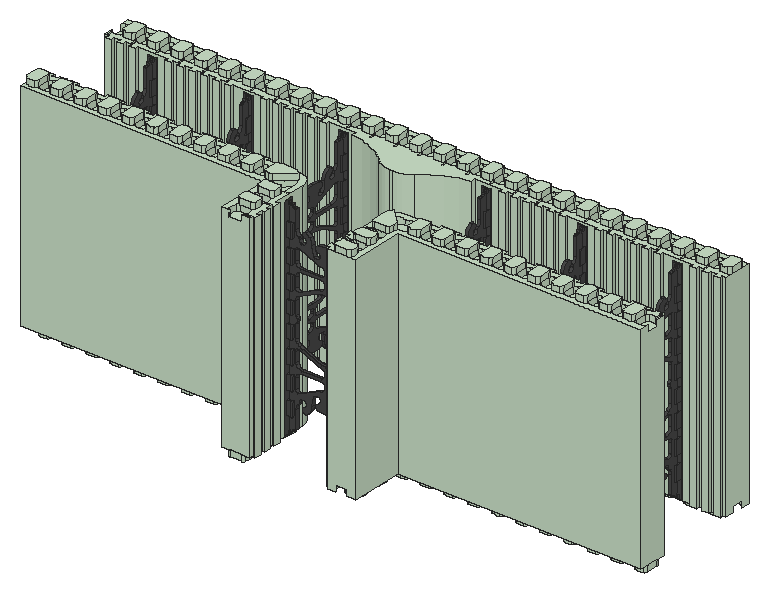
Revit family
Parameters (values of type "152 mm Short T Form Unit")
  URL = "www.nudura.com"
  Overall Form Thickness = 285.8 mm
  Model = "152 mm Short T Form Unit"
  Manufacturer = "NUDURA Corporation"
  Concrete Core Thickness = 152.4 mm
Reference planes
  plane 1 "Center (Front/Back)": y = 0
  plane 2: z = 0
  plane 3 "Center (Left/Right)": x = 0
Forms (mm)
  Extrusion 1, solid, material "EPS- NUDURA- Foam Panel"
    sketch origin (0.119, 0.105, 0) x (1, 0, 0) y (0, 1, 0)
      loop
        arc (-82.55, -114.3) -> (-91.849, -91.849) -> (-114.3, -82.55) r 31.75
        line (-114.3, -82.55) -> (-184.942, -82.55) -> (-183.358, -76.2) -> (-197.642, -76.2) -> (-196.058, -82.55) -> (-210.342, -82.55) -> (-208.758, -76.2) -> (-223.042, -76.2) -> (-221.458, -82.55) -> (-235.742, -82.55) -> (-234.158, -76.2) -> (-248.442, -76.2) -> (-246.858, -82.55) -> (-261.142, -82.55) -> (-259.558, -76.2) -> (-273.842, -76.2) -> (-272.258, -82.55) -> (-286.558, -82.55) -> (-284.974, -76.2) -> (-299.258, -76.2) -> (-297.674, -82.55) -> (-311.958, -82.55) -> (-310.374, -76.2) -> (-324.658, -76.2) -> (-323.074, -82.55) -> (-388.141, -82.55) -> (-386.558, -76.2) -> (-400.841, -76.2) -> (-399.258, -82.55) -> (-413.541, -82.55) -> (-411.958, -76.2) -> (-426.241, -76.2) -> (-424.658, -82.55) -> (-438.941, -82.55) -> (-437.358, -76.2) -> (-451.641, -76.2) -> (-450.058, -82.55) -> (-464.358, -82.55) -> (-462.774, -76.2) -> (-477.058, -76.2) -> (-475.474, -82.55) -> (-489.758, -82.55) -> (-488.174, -76.2) -> (-502.458, -76.2) -> (-500.874, -82.55) -> (-515.158, -82.55) -> (-513.574, -76.2) -> (-527.858, -76.2) -> (-526.274, -82.55) -> (-591.341, -82.55) -> (-589.758, -76.2) -> (-604.041, -76.2) -> (-602.458, -82.55) -> (-616.741, -82.55) -> (-615.158, -76.2) -> (-629.441, -76.2) -> (-627.858, -82.55) -> (-642.141, -82.55) -> (-640.558, -76.2) -> (-654.841, -76.2) -> (-653.258, -82.55) -> (-660.4, -82.55) -> (-660.4, -142.81) -> (-142.875, -142.81) -> (-142.875, -253.935) -> (-82.55, -253.935) -> (-82.55, -246.858) -> (-76.2, -248.441) -> (-76.2, -234.158) -> (-82.55, -235.741) -> (-82.55, -221.458) -> (-76.2, -223.041) -> (-76.2, -208.758) -> (-82.55, -210.341) -> (-82.55, -196.058) -> (-76.2, -197.641) -> (-76.2, -183.358) -> (-82.55, -184.941) -> (-82.55, -114.3)
      loop
        line (127, 73.025) -> (127, 82.55) -> (184.942, 82.55) -> (183.358, 76.2) -> (197.642, 76.2) -> (196.058, 82.55) -> (210.342, 82.55) -> (208.758, 76.2) -> (223.042, 76.2) -> (221.458, 82.55) -> (235.742, 82.55) -> (234.158, 76.2) -> (248.442, 76.2) -> (246.858, 82.55) -> (261.126, 82.55) -> (259.542, 76.2) -> (273.826, 76.2) -> (272.242, 82.55) -> (286.526, 82.55) -> (284.942, 76.2) -> (299.226, 76.2) -> (297.642, 82.55) -> (311.926, 82.55) -> (310.342, 76.2) -> (324.626, 76.2) -> (323.042, 82.55) -> (388.141, 82.55) -> (386.558, 76.2) -> (400.841, 76.2) -> (399.258, 82.55) -> (413.541, 82.55) -> (411.958, 76.2) -> (426.241, 76.2) -> (424.658, 82.55) -> (438.941, 82.55) -> (437.358, 76.2) -> (451.641, 76.2) -> (450.058, 82.55) -> (464.325, 82.55) -> (462.742, 76.2) -> (477.025, 76.2) -> (475.442, 82.55) -> (489.725, 82.55) -> (488.142, 76.2) -> (502.425, 76.2) -> (500.842, 82.55) -> (515.125, 82.55) -> (513.542, 76.2) -> (527.825, 76.2) -> (526.242, 82.55) -> (591.341, 82.55) -> (589.758, 76.2) -> (604.041, 76.2) -> (602.458, 82.55) -> (616.741, 82.55) -> (615.158, 76.2) -> (629.441, 76.2) -> (627.858, 82.55) -> (642.141, 82.55) -> (640.558, 76.2) -> (654.841, 76.2) -> (653.258, 82.55) -> (660.4, 82.55) -> (660.4, 142.939) -> (-660.4, 142.939) -> (-660.4, 82.55) -> (-653.258, 82.55) -> (-654.841, 76.2) -> (-640.558, 76.2) -> (-642.141, 82.55) -> (-627.858, 82.55) -> (-629.441, 76.2) -> (-615.158, 76.2) -> (-616.741, 82.55) -> (-602.458, 82.55) -> (-604.041, 76.2) -> (-589.758, 76.2) -> (-591.341, 82.55) -> (-526.242, 82.55) -> (-527.825, 76.2) -> (-513.542, 76.2) -> (-515.125, 82.55) -> (-500.842, 82.55) -> (-502.425, 76.2) -> (-488.142, 76.2) -> (-489.725, 82.55) -> (-475.442, 82.55) -> (-477.025, 76.2) -> (-462.742, 76.2) -> (-464.325, 82.55) -> (-450.058, 82.55) -> (-451.641, 76.2) -> (-437.358, 76.2) -> (-438.941, 82.55) -> (-424.658, 82.55) -> (-426.241, 76.2) -> (-411.958, 76.2) -> (-413.541, 82.55) -> (-399.258, 82.55) -> (-400.841, 76.2) -> (-386.558, 76.2) -> (-388.141, 82.55) -> (-323.042, 82.55) -> (-324.626, 76.2) -> (-310.342, 76.2) -> (-311.926, 82.55) -> (-297.642, 82.55) -> (-299.226, 76.2) -> (-284.942, 76.2) -> (-286.526, 82.55) -> (-272.242, 82.55) -> (-273.826, 76.2) -> (-259.542, 76.2) -> (-261.126, 82.55) -> (-246.858, 82.55) -> (-248.442, 76.2) -> (-234.158, 76.2) -> (-235.742, 82.55) -> (-221.458, 82.55) -> (-223.042, 76.2) -> (-208.758, 76.2) -> (-210.342, 82.55) -> (-196.058, 82.55) -> (-197.642, 76.2) -> (-183.358, 76.2) -> (-184.942, 82.55) -> (-127, 82.55) -> (-127, 73.025)
        arc (-127, 73.025) -> (-79.325, 60.317) -> (-38.333, 32.857) r 150.316
        arc (-38.333, 32.857) -> (-22.244, 22.628) -> (-3.517, 19.05) r 50.8
        line (-3.517, 19.05) -> (3.517, 19.05)
        arc (3.517, 19.05) -> (22.244, 22.628) -> (38.333, 32.857) r 50.8
        arc (38.333, 32.857) -> (79.325, 60.317) -> (127, 73.025) r 150.316
      loop
        line (82.55, -114.3) -> (82.55, -184.941) -> (76.2, -183.358) -> (76.2, -197.641) -> (82.55, -196.058) -> (82.55, -210.341) -> (76.2, -208.758) -> (76.2, -223.041) -> (82.55, -221.458) -> (82.55, -235.741) -> (76.2, -234.158) -> (76.2, -248.441) -> (82.55, -246.858) -> (82.55, -254) -> (142.875, -254) -> (142.875, -142.81) -> (660.4, -142.81) -> (660.4, -82.55) -> (653.258, -82.55) -> (654.841, -76.2) -> (640.558, -76.2) -> (642.141, -82.55) -> (627.858, -82.55) -> (629.441, -76.2) -> (615.158, -76.2) -> (616.741, -82.55) -> (602.458, -82.55) -> (604.041, -76.2) -> (589.758, -76.2) -> (591.341, -82.55) -> (526.274, -82.55) -> (527.858, -76.2) -> (513.574, -76.2) -> (515.158, -82.55) -> (500.874, -82.55) -> (502.458, -76.2) -> (488.174, -76.2) -> (489.758, -82.55) -> (475.474, -82.55) -> (477.058, -76.2) -> (462.774, -76.2) -> (464.358, -82.55) -> (450.058, -82.55) -> (451.641, -76.2) -> (437.358, -76.2) -> (438.941, -82.55) -> (424.658, -82.55) -> (426.241, -76.2) -> (411.958, -76.2) -> (413.541, -82.55) -> (399.258, -82.55) -> (400.841, -76.2) -> (386.558, -76.2) -> (388.141, -82.55) -> (323.074, -82.55) -> (324.658, -76.2) -> (310.374, -76.2) -> (311.958, -82.55) -> (297.674, -82.55) -> (299.258, -76.2) -> (284.974, -76.2) -> (286.558, -82.55) -> (272.274, -82.55) -> (273.858, -76.2) -> (259.574, -76.2) -> (261.158, -82.55) -> (246.858, -82.55) -> (248.442, -76.2) -> (234.158, -76.2) -> (235.742, -82.55) -> (221.458, -82.55) -> (223.042, -76.2) -> (208.758, -76.2) -> (210.342, -82.55) -> (196.058, -82.55) -> (197.642, -76.2) -> (183.358, -76.2) -> (184.942, -82.55) -> (114.3, -82.55)
        arc (114.3, -82.55) -> (91.849, -91.849) -> (82.55, -114.3) r 31.75
    from 0 to 457.2
  Extrusion 2, void
    sketch origin (0.119, 406.505, 0) x (1, 0, 0) y (0, 1, 0)
      loop
        arc (-130.453, -639.396) -> (-131.763, -647.7) -> (-130.453, -656.003) r 26.987
        arc (-130.453, -656.003) -> (-128.504, -658.905) -> (-125.314, -660.335) r 6.35
        line (-125.314, -660.335) -> (-100.111, -660.335)
        arc (-100.111, -660.335) -> (-98.281, -659.781) -> (-96.698, -658.708) r 6.35
        arc (-96.698, -658.708) -> (-96.199, -658.394) -> (-95.62, -658.285) r 1.588
        line (-95.62, -658.285) -> (-86.829, -658.285) -> (-86.829, -653.946) -> (-92.457, -653.946)
        arc (-92.457, -653.946) -> (-93.668, -653.385) -> (-94.024, -652.1) r 1.588
        arc (-94.024, -652.1) -> (-93.737, -645.691) -> (-94.972, -639.396) r 26.988
        arc (-94.972, -639.396) -> (-97.278, -636.215) -> (-101.014, -635) r 6.35
        line (-101.014, -635) -> (-124.411, -635)
        arc (-124.411, -635) -> (-128.147, -636.215) -> (-130.453, -639.396) r 6.35
    from 457.2 to 444.5
  Extrusion 3, void
    sketch origin (0.119, 457.305, 0) x (1, 0, 0) y (0, 1, 0)
      loop
        arc (-130.453, -639.396) -> (-131.763, -647.7) -> (-130.453, -656.003) r 26.987
        arc (-130.453, -656.003) -> (-128.147, -659.184) -> (-124.411, -660.4) r 6.35
        line (-124.411, -660.4) -> (-101.014, -660.4)
        arc (-101.014, -660.4) -> (-98.696, -659.961) -> (-96.698, -658.708) r 6.35
        arc (-96.698, -658.708) -> (-96.199, -658.394) -> (-95.62, -658.285) r 1.588
        line (-95.62, -658.285) -> (-86.829, -658.285) -> (-86.829, -653.946) -> (-92.457, -653.946)
        arc (-92.457, -653.946) -> (-93.668, -653.385) -> (-94.024, -652.1) r 1.588
        arc (-94.024, -652.1) -> (-93.737, -645.691) -> (-94.972, -639.396) r 26.988
        arc (-94.972, -639.396) -> (-97.278, -636.215) -> (-101.014, -635) r 6.35
        line (-101.014, -635) -> (-124.411, -635)
        arc (-124.411, -635) -> (-128.147, -636.215) -> (-130.453, -639.396) r 6.35
    from 457.2 to 444.5
  Extrusion 4, void
    sketch origin (0.119, 0.105, 0) x (1, 0, 0) y (0, 1, 0)
      loop
        line (-131.763, -131.762) -> (-131.763, -139.7)
        arc (-131.763, -139.7) -> (-131.433, -143.903) -> (-130.453, -148.003) r 26.987
        arc (-130.453, -148.003) -> (-128.147, -151.184) -> (-124.411, -152.4) r 6.35
        line (-124.411, -152.4) -> (-101.014, -152.4)
        arc (-101.014, -152.4) -> (-98.696, -151.961) -> (-96.698, -150.708) r 6.35
        arc (-96.698, -150.708) -> (-96.199, -150.394) -> (-95.62, -150.285) r 1.588
        line (-95.62, -150.285) -> (-86.829, -150.285) -> (-86.829, -145.946) -> (-92.457, -145.946)
        arc (-92.457, -145.946) -> (-93.668, -145.385) -> (-94.024, -144.1) r 1.588
        arc (-94.024, -144.1) -> (-93.753, -141.907) -> (-93.663, -139.7) r 26.987
        line (-93.663, -139.7) -> (-93.663, -119.062)
        arc (-93.663, -119.062) -> (-95.596, -109.342) -> (-101.102, -101.102) r 25.4
        line (-101.102, -101.102) -> (-131.763, -131.762)
    from 457.2 to 444.5
  Extrusion 5, void
    sketch origin (-812.681, 0.105, 0) x (0, 1, 0) y (-1, 0, 0)
      loop
        arc (-130.453, -639.396) -> (-131.763, -647.7) -> (-130.453, -656.003) r 26.987
        arc (-130.453, -656.003) -> (-128.147, -659.184) -> (-124.411, -660.4) r 6.35
        line (-124.411, -660.4) -> (-101.014, -660.4)
        arc (-101.014, -660.4) -> (-98.696, -659.961) -> (-96.698, -658.708) r 6.35
        arc (-96.698, -658.708) -> (-96.199, -658.394) -> (-95.62, -658.285) r 1.588
        line (-95.62, -658.285) -> (-86.829, -658.285) -> (-86.829, -653.946) -> (-92.457, -653.946)
        arc (-92.457, -653.946) -> (-93.668, -653.385) -> (-94.024, -652.1) r 1.588
        arc (-94.024, -652.1) -> (-93.737, -645.691) -> (-94.972, -639.396) r 26.988
        arc (-94.972, -639.396) -> (-97.278, -636.215) -> (-101.014, -635) r 6.35
        line (-101.014, -635) -> (-124.411, -635)
        arc (-124.411, -635) -> (-128.147, -636.215) -> (-130.453, -639.396) r 6.35
    from 457.2 to 444.5
  Extrusion 6, void
    sketch origin (-863.481, 0.105, 0) x (0, 1, 0) y (-1, 0, 0)
      loop
        arc (-130.453, -639.396) -> (-131.763, -647.7) -> (-130.453, -656.003) r 26.987
        arc (-130.453, -656.003) -> (-128.147, -659.184) -> (-124.411, -660.4) r 6.35
        line (-124.411, -660.4) -> (-101.014, -660.4)
        arc (-101.014, -660.4) -> (-98.696, -659.961) -> (-96.698, -658.708) r 6.35
        arc (-96.698, -658.708) -> (-96.199, -658.394) -> (-95.62, -658.285) r 1.588
        line (-95.62, -658.285) -> (-86.829, -658.285) -> (-86.829, -653.946) -> (-92.457, -653.946)
        arc (-92.457, -653.946) -> (-93.668, -653.385) -> (-94.024, -652.1) r 1.588
        arc (-94.024, -652.1) -> (-93.737, -645.691) -> (-94.972, -639.396) r 26.988
        arc (-94.972, -639.396) -> (-97.278, -636.215) -> (-101.014, -635) r 6.35
        line (-101.014, -635) -> (-124.411, -635)
        arc (-124.411, -635) -> (-128.147, -636.215) -> (-130.453, -639.396) r 6.35
    from 457.2 to 444.5
  Extrusion 7, void
    sketch origin (0.119, -863.494, 0) x (1, 0, 0) y (0, 1, 0)
      loop
        arc (-130.453, 639.396) -> (-128.147, 636.215) -> (-124.411, 635) r 6.35
        line (-124.411, 635) -> (-101.014, 635)
        arc (-101.014, 635) -> (-97.278, 636.215) -> (-94.972, 639.396) r 6.35
        arc (-94.972, 639.396) -> (-93.737, 645.691) -> (-94.024, 652.1) r 26.988
        arc (-94.024, 652.1) -> (-93.668, 653.385) -> (-92.457, 653.946) r 1.588
        line (-92.457, 653.946) -> (-86.829, 653.946) -> (-86.829, 658.285) -> (-95.62, 658.285)
        arc (-95.62, 658.285) -> (-96.199, 658.394) -> (-96.698, 658.708) r 1.588
        arc (-96.698, 658.708) -> (-98.696, 659.961) -> (-101.014, 660.4) r 6.35
        line (-101.014, 660.4) -> (-124.411, 660.4)
        arc (-124.411, 660.4) -> (-128.147, 659.184) -> (-130.453, 656.003) r 6.35
        arc (-130.453, 656.003) -> (-131.763, 647.7) -> (-130.453, 639.396) r 26.987
    from 0 to 12.7
  Extrusion 8, void
    sketch origin (0.119, -812.694, 0) x (1, 0, 0) y (0, 1, 0)
      loop
        arc (-130.453, 639.396) -> (-128.147, 636.215) -> (-124.411, 635) r 6.35
        line (-124.411, 635) -> (-101.014, 635)
        arc (-101.014, 635) -> (-97.278, 636.215) -> (-94.972, 639.396) r 6.35
        arc (-94.972, 639.396) -> (-93.737, 645.691) -> (-94.024, 652.1) r 26.988
        arc (-94.024, 652.1) -> (-93.668, 653.385) -> (-92.457, 653.946) r 1.588
        line (-92.457, 653.946) -> (-86.829, 653.946) -> (-86.829, 658.285) -> (-95.62, 658.285)
        arc (-95.62, 658.285) -> (-96.199, 658.394) -> (-96.698, 658.708) r 1.588
        arc (-96.698, 658.708) -> (-98.696, 659.961) -> (-101.014, 660.4) r 6.35
        line (-101.014, 660.4) -> (-124.411, 660.4)
        arc (-124.411, 660.4) -> (-128.147, 659.184) -> (-130.453, 656.003) r 6.35
        arc (-130.453, 656.003) -> (-131.763, 647.7) -> (-130.453, 639.396) r 26.987
    from 0 to 12.7
  Extrusion 9, void
    sketch origin (0.118, 0.105, 0) x (0, 1, 0) y (-1, 0, 0)
      loop
        line (-131.763, 131.762) -> (-101.102, 101.102)
        arc (-101.102, 101.102) -> (-95.596, 109.342) -> (-93.663, 119.062) r 25.4
        line (-93.663, 119.062) -> (-93.663, 139.7)
        arc (-93.663, 139.7) -> (-93.753, 141.907) -> (-94.024, 144.1) r 26.987
        arc (-94.024, 144.1) -> (-93.668, 145.385) -> (-92.457, 145.946) r 1.588
        line (-92.457, 145.946) -> (-86.829, 145.946) -> (-86.829, 150.285) -> (-95.62, 150.285)
        arc (-95.62, 150.285) -> (-96.199, 150.394) -> (-96.698, 150.708) r 1.588
        arc (-96.698, 150.708) -> (-98.696, 151.961) -> (-101.014, 152.4) r 6.35
        line (-101.014, 152.4) -> (-124.411, 152.4)
        arc (-124.411, 152.4) -> (-128.147, 151.184) -> (-130.453, 148.003) r 6.35
        arc (-130.453, 148.003) -> (-131.433, 143.903) -> (-131.763, 139.7) r 26.987
        line (-131.763, 139.7) -> (-131.763, 131.762)
    from 0 to 12.7
  Extrusion 10, void
    sketch origin (457.318, 0.105, 0) x (0, 1, 0) y (-1, 0, 0)
      loop
        arc (-130.453, 639.396) -> (-128.147, 636.215) -> (-124.411, 635) r 6.35
        line (-124.411, 635) -> (-101.014, 635)
        arc (-101.014, 635) -> (-97.278, 636.215) -> (-94.972, 639.396) r 6.35
        arc (-94.972, 639.396) -> (-93.737, 645.691) -> (-94.024, 652.1) r 26.988
        arc (-94.024, 652.1) -> (-93.668, 653.385) -> (-92.457, 653.946) r 1.588
        line (-92.457, 653.946) -> (-86.829, 653.946) -> (-86.829, 658.285) -> (-95.62, 658.285)
        arc (-95.62, 658.285) -> (-96.199, 658.394) -> (-96.698, 658.708) r 1.588
        arc (-96.698, 658.708) -> (-98.696, 659.961) -> (-101.014, 660.4) r 6.35
        line (-101.014, 660.4) -> (-124.411, 660.4)
        arc (-124.411, 660.4) -> (-128.147, 659.184) -> (-130.453, 656.003) r 6.35
        arc (-130.453, 656.003) -> (-131.763, 647.7) -> (-130.453, 639.396) r 26.987
    from 0 to 12.7
  Extrusion 11, void
    sketch origin (406.518, 0.105, 0) x (0, 1, 0) y (-1, 0, 0)
      loop
        arc (-130.453, 639.396) -> (-128.147, 636.215) -> (-124.411, 635) r 6.35
        line (-124.411, 635) -> (-101.014, 635)
        arc (-101.014, 635) -> (-97.278, 636.215) -> (-94.972, 639.396) r 6.35
        arc (-94.972, 639.396) -> (-93.737, 645.691) -> (-94.024, 652.1) r 26.988
        arc (-94.024, 652.1) -> (-93.668, 653.385) -> (-92.457, 653.946) r 1.588
        line (-92.457, 653.946) -> (-86.829, 653.946) -> (-86.829, 658.285) -> (-95.62, 658.285)
        arc (-95.62, 658.285) -> (-96.199, 658.394) -> (-96.698, 658.708) r 1.588
        arc (-96.698, 658.708) -> (-98.696, 659.961) -> (-101.014, 660.4) r 6.35
        line (-101.014, 660.4) -> (-124.411, 660.4)
        arc (-124.411, 660.4) -> (-128.147, 659.184) -> (-130.453, 656.003) r 6.35
        arc (-130.453, 656.003) -> (-131.763, 647.7) -> (-130.453, 639.396) r 26.987
    from 0 to 12.7
  Extrusion 12, void
    sketch origin (0.119, -863.494, 0) x (-1, 0, 0) y (0, -1, 0)
      loop
        arc (-130.453, -639.396) -> (-131.763, -647.7) -> (-130.453, -656.003) r 26.987
        arc (-130.453, -656.003) -> (-128.147, -659.184) -> (-124.411, -660.4) r 6.35
        line (-124.411, -660.4) -> (-101.014, -660.4)
        arc (-101.014, -660.4) -> (-98.696, -659.961) -> (-96.698, -658.708) r 6.35
        arc (-96.698, -658.708) -> (-96.199, -658.394) -> (-95.62, -658.285) r 1.588
        line (-95.62, -658.285) -> (-86.829, -658.285) -> (-86.829, -653.946) -> (-92.457, -653.946)
        arc (-92.457, -653.946) -> (-93.668, -653.385) -> (-94.024, -652.1) r 1.588
        arc (-94.024, -652.1) -> (-93.737, -645.691) -> (-94.972, -639.396) r 26.988
        arc (-94.972, -639.396) -> (-97.278, -636.215) -> (-101.014, -635) r 6.35
        line (-101.014, -635) -> (-124.411, -635)
        arc (-124.411, -635) -> (-128.147, -636.215) -> (-130.453, -639.396) r 6.35
    from 457.2 to 444.5
  Extrusion 13, void
    sketch origin (0.119, -812.694, 0) x (-1, 0, 0) y (0, -1, 0)
      loop
        arc (-130.453, -639.396) -> (-131.763, -647.7) -> (-130.453, -656.003) r 26.987
        arc (-130.453, -656.003) -> (-128.147, -659.184) -> (-124.411, -660.4) r 6.35
        line (-124.411, -660.4) -> (-101.014, -660.4)
        arc (-101.014, -660.4) -> (-98.696, -659.961) -> (-96.698, -658.708) r 6.35
        arc (-96.698, -658.708) -> (-96.199, -658.394) -> (-95.62, -658.285) r 1.588
        line (-95.62, -658.285) -> (-86.829, -658.285) -> (-86.829, -653.946) -> (-92.457, -653.946)
        arc (-92.457, -653.946) -> (-93.668, -653.385) -> (-94.024, -652.1) r 1.588
        arc (-94.024, -652.1) -> (-93.737, -645.691) -> (-94.972, -639.396) r 26.988
        arc (-94.972, -639.396) -> (-97.278, -636.215) -> (-101.014, -635) r 6.35
        line (-101.014, -635) -> (-124.411, -635)
        arc (-124.411, -635) -> (-128.147, -636.215) -> (-130.453, -639.396) r 6.35
    from 457.2 to 444.5
  Extrusion 14, void
    sketch origin (-457.081, 0.105, 0) x (0, 1, 0) y (-1, 0, 0)
      loop
        arc (-130.453, -639.396) -> (-131.763, -647.7) -> (-130.453, -656.003) r 26.987
        arc (-130.453, -656.003) -> (-128.147, -659.184) -> (-124.411, -660.4) r 6.35
        line (-124.411, -660.4) -> (-101.014, -660.4)
        arc (-101.014, -660.4) -> (-98.696, -659.961) -> (-96.698, -658.708) r 6.35
        arc (-96.698, -658.708) -> (-96.199, -658.394) -> (-95.62, -658.285) r 1.588
        line (-95.62, -658.285) -> (-86.829, -658.285) -> (-86.829, -653.946) -> (-92.457, -653.946)
        arc (-92.457, -653.946) -> (-93.668, -653.385) -> (-94.024, -652.1) r 1.588
        arc (-94.024, -652.1) -> (-93.737, -645.691) -> (-94.972, -639.396) r 26.988
        arc (-94.972, -639.396) -> (-97.278, -636.215) -> (-101.014, -635) r 6.35
        line (-101.014, -635) -> (-124.411, -635)
        arc (-124.411, -635) -> (-128.147, -636.215) -> (-130.453, -639.396) r 6.35
    from 457.2 to 444.5
  Extrusion 15, void
    sketch origin (-406.281, 0.105, 0) x (0, 1, 0) y (-1, 0, 0)
      loop
        arc (-130.453, -639.396) -> (-131.763, -647.7) -> (-130.453, -656.003) r 26.987
        arc (-130.453, -656.003) -> (-128.147, -659.184) -> (-124.411, -660.4) r 6.35
        line (-124.411, -660.4) -> (-101.014, -660.4)
        arc (-101.014, -660.4) -> (-98.696, -659.961) -> (-96.698, -658.708) r 6.35
        arc (-96.698, -658.708) -> (-96.199, -658.394) -> (-95.62, -658.285) r 1.588
        line (-95.62, -658.285) -> (-86.829, -658.285) -> (-86.829, -653.946) -> (-92.457, -653.946)
        arc (-92.457, -653.946) -> (-93.668, -653.385) -> (-94.024, -652.1) r 1.588
        arc (-94.024, -652.1) -> (-93.737, -645.691) -> (-94.972, -639.396) r 26.988
        arc (-94.972, -639.396) -> (-97.278, -636.215) -> (-101.014, -635) r 6.35
        line (-101.014, -635) -> (-124.411, -635)
        arc (-124.411, -635) -> (-128.147, -636.215) -> (-130.453, -639.396) r 6.35
    from 457.2 to 444.5
  Extrusion 16, void
    sketch origin (0.119, 0.105, 0) x (1, 0, 0) y (0, 1, 0)
      loop
        arc (144.1, -94.023) -> (141.907, -93.752) -> (139.7, -93.662) r 26.987
        line (139.7, -93.662) -> (119.063, -93.662)
        arc (119.063, -93.662) -> (109.342, -95.595) -> (101.102, -101.102) r 25.4
        line (101.102, -101.102) -> (131.763, -131.762) -> (139.7, -131.762)
        arc (139.7, -131.762) -> (143.903, -131.433) -> (148.004, -130.453) r 26.988
        arc (148.004, -130.453) -> (151.185, -128.147) -> (152.4, -124.411) r 6.35
        line (152.4, -124.411) -> (152.4, -101.013)
        arc (152.4, -101.013) -> (151.962, -98.696) -> (150.708, -96.698) r 6.35
        arc (150.708, -96.698) -> (150.395, -96.198) -> (150.285, -95.619) r 1.587
        line (150.285, -95.619) -> (150.285, -86.828) -> (145.946, -86.828) -> (145.946, -92.457)
        arc (145.946, -92.457) -> (145.386, -93.667) -> (144.1, -94.023) r 1.588
    from 457.2 to 444.5
  Extrusion 17, void
    sketch origin (0.119, 406.505, 0) x (-1, 0, 0) y (0, -1, 0)
      loop
        arc (-130.453, 639.396) -> (-128.147, 636.215) -> (-124.411, 635) r 6.35
        line (-124.411, 635) -> (-101.014, 635)
        arc (-101.014, 635) -> (-97.278, 636.215) -> (-94.972, 639.396) r 6.35
        arc (-94.972, 639.396) -> (-93.737, 645.691) -> (-94.024, 652.1) r 26.988
        arc (-94.024, 652.1) -> (-93.668, 653.385) -> (-92.457, 653.946) r 1.588
        line (-92.457, 653.946) -> (-86.829, 653.946) -> (-86.829, 658.285) -> (-95.62, 658.285)
        arc (-95.62, 658.285) -> (-96.199, 658.394) -> (-96.698, 658.708) r 1.588
        arc (-96.698, 658.708) -> (-98.696, 659.961) -> (-101.014, 660.4) r 6.35
        line (-101.014, 660.4) -> (-124.411, 660.4)
        arc (-124.411, 660.4) -> (-128.147, 659.184) -> (-130.453, 656.003) r 6.35
        arc (-130.453, 656.003) -> (-131.763, 647.7) -> (-130.453, 639.396) r 26.987
    from 0 to 12.7
  Extrusion 18, void
    sketch origin (0.119, 457.305, 0) x (-1, 0, 0) y (0, -1, 0)
      loop
        arc (-130.453, 639.396) -> (-128.147, 636.215) -> (-124.411, 635) r 6.35
        line (-124.411, 635) -> (-101.014, 635)
        arc (-101.014, 635) -> (-97.278, 636.215) -> (-94.972, 639.396) r 6.35
        arc (-94.972, 639.396) -> (-93.737, 645.691) -> (-94.024, 652.1) r 26.988
        arc (-94.024, 652.1) -> (-93.668, 653.385) -> (-92.457, 653.946) r 1.588
        line (-92.457, 653.946) -> (-86.829, 653.946) -> (-86.829, 658.285) -> (-95.62, 658.285)
        arc (-95.62, 658.285) -> (-96.199, 658.394) -> (-96.698, 658.708) r 1.588
        arc (-96.698, 658.708) -> (-98.696, 659.961) -> (-101.014, 660.4) r 6.35
        line (-101.014, 660.4) -> (-124.411, 660.4)
        arc (-124.411, 660.4) -> (-128.147, 659.184) -> (-130.453, 656.003) r 6.35
        arc (-130.453, 656.003) -> (-131.763, 647.7) -> (-130.453, 639.396) r 26.987
    from 0 to 12.7
  Extrusion 19, void
    sketch origin (0.119, 0.105, 0) x (0, -1, 0) y (1, 0, 0)
      loop
        arc (144.1, 94.023) -> (145.386, 93.667) -> (145.946, 92.457) r 1.588
        line (145.946, 92.457) -> (145.946, 86.828) -> (150.285, 86.828) -> (150.285, 95.619)
        arc (150.285, 95.619) -> (150.395, 96.198) -> (150.708, 96.698) r 1.587
        arc (150.708, 96.698) -> (151.962, 98.696) -> (152.4, 101.013) r 6.35
        line (152.4, 101.013) -> (152.4, 124.411)
        arc (152.4, 124.411) -> (151.185, 128.147) -> (148.004, 130.453) r 6.35
        arc (148.004, 130.453) -> (143.903, 131.433) -> (139.7, 131.762) r 26.988
        line (139.7, 131.762) -> (131.763, 131.762) -> (101.102, 101.102)
        arc (101.102, 101.102) -> (109.342, 95.595) -> (119.063, 93.662) r 25.4
        line (119.063, 93.662) -> (139.7, 93.662)
        arc (139.7, 93.662) -> (141.907, 93.752) -> (144.1, 94.023) r 26.987
    from 0 to 12.7
  Extrusion 20, void
    sketch origin (812.918, 0.105, 0) x (0, 1, 0) y (-1, 0, 0)
      loop
        arc (-130.453, 639.396) -> (-128.147, 636.215) -> (-124.411, 635) r 6.35
        line (-124.411, 635) -> (-101.014, 635)
        arc (-101.014, 635) -> (-97.278, 636.215) -> (-94.972, 639.396) r 6.35
        arc (-94.972, 639.396) -> (-93.737, 645.691) -> (-94.024, 652.1) r 26.988
        arc (-94.024, 652.1) -> (-93.668, 653.385) -> (-92.457, 653.946) r 1.588
        line (-92.457, 653.946) -> (-86.829, 653.946) -> (-86.829, 658.285) -> (-95.62, 658.285)
        arc (-95.62, 658.285) -> (-96.199, 658.394) -> (-96.698, 658.708) r 1.588
        arc (-96.698, 658.708) -> (-98.696, 659.961) -> (-101.014, 660.4) r 6.35
        line (-101.014, 660.4) -> (-124.411, 660.4)
        arc (-124.411, 660.4) -> (-128.147, 659.184) -> (-130.453, 656.003) r 6.35
        arc (-130.453, 656.003) -> (-131.763, 647.7) -> (-130.453, 639.396) r 26.987
    from 0 to 12.7
  Extrusion 21, void
    sketch origin (863.718, 0.105, 0) x (0, 1, 0) y (-1, 0, 0)
      loop
        arc (-130.453, 639.396) -> (-128.147, 636.215) -> (-124.411, 635) r 6.35
        line (-124.411, 635) -> (-101.014, 635)
        arc (-101.014, 635) -> (-97.278, 636.215) -> (-94.972, 639.396) r 6.35
        arc (-94.972, 639.396) -> (-93.737, 645.691) -> (-94.024, 652.1) r 26.988
        arc (-94.024, 652.1) -> (-93.668, 653.385) -> (-92.457, 653.946) r 1.588
        line (-92.457, 653.946) -> (-86.829, 653.946) -> (-86.829, 658.285) -> (-95.62, 658.285)
        arc (-95.62, 658.285) -> (-96.199, 658.394) -> (-96.698, 658.708) r 1.588
        arc (-96.698, 658.708) -> (-98.696, 659.961) -> (-101.014, 660.4) r 6.35
        line (-101.014, 660.4) -> (-124.411, 660.4)
        arc (-124.411, 660.4) -> (-128.147, 659.184) -> (-130.453, 656.003) r 6.35
        arc (-130.453, 656.003) -> (-131.763, 647.7) -> (-130.453, 639.396) r 26.987
    from 0 to 12.7
  Extrusion 22, void
    sketch origin (406.518, 0.104, 0) x (0, -1, 0) y (1, 0, 0)
      loop
        arc (-130.453, -639.396) -> (-131.763, -647.7) -> (-130.453, -656.003) r 26.987
        arc (-130.453, -656.003) -> (-128.147, -659.184) -> (-124.411, -660.4) r 6.35
        line (-124.411, -660.4) -> (-101.014, -660.4)
        arc (-101.014, -660.4) -> (-98.696, -659.961) -> (-96.698, -658.708) r 6.35
        arc (-96.698, -658.708) -> (-96.199, -658.394) -> (-95.62, -658.285) r 1.588
        line (-95.62, -658.285) -> (-86.829, -658.285) -> (-86.829, -653.946) -> (-92.457, -653.946)
        arc (-92.457, -653.946) -> (-93.668, -653.385) -> (-94.024, -652.1) r 1.588
        arc (-94.024, -652.1) -> (-93.737, -645.691) -> (-94.972, -639.396) r 26.988
        arc (-94.972, -639.396) -> (-97.278, -636.215) -> (-101.014, -635) r 6.35
        line (-101.014, -635) -> (-124.411, -635)
        arc (-124.411, -635) -> (-128.147, -636.215) -> (-130.453, -639.396) r 6.35
    from 457.2 to 444.5
  Extrusion 23, void
    sketch origin (457.318, 0.104, 0) x (0, -1, 0) y (1, 0, 0)
      loop
        arc (-130.453, -639.396) -> (-131.763, -647.7) -> (-130.453, -656.003) r 26.987
        arc (-130.453, -656.003) -> (-128.147, -659.184) -> (-124.411, -660.4) r 6.35
        line (-124.411, -660.4) -> (-101.014, -660.4)
        arc (-101.014, -660.4) -> (-98.696, -659.961) -> (-96.698, -658.708) r 6.35
        arc (-96.698, -658.708) -> (-96.199, -658.394) -> (-95.62, -658.285) r 1.588
        line (-95.62, -658.285) -> (-86.829, -658.285) -> (-86.829, -653.946) -> (-92.457, -653.946)
        arc (-92.457, -653.946) -> (-93.668, -653.385) -> (-94.024, -652.1) r 1.588
        arc (-94.024, -652.1) -> (-93.737, -645.691) -> (-94.972, -639.396) r 26.988
        arc (-94.972, -639.396) -> (-97.278, -636.215) -> (-101.014, -635) r 6.35
        line (-101.014, -635) -> (-124.411, -635)
        arc (-124.411, -635) -> (-128.147, -636.215) -> (-130.453, -639.396) r 6.35
    from 457.2 to 444.5
  Extrusion 24, void
    sketch origin (508.118, 0.104, 0) x (0, -1, 0) y (1, 0, 0)
      loop
        arc (-130.453, -639.396) -> (-131.763, -647.7) -> (-130.453, -656.003) r 26.987
        arc (-130.453, -656.003) -> (-128.147, -659.184) -> (-124.411, -660.4) r 6.35
        line (-124.411, -660.4) -> (-101.014, -660.4)
        arc (-101.014, -660.4) -> (-98.696, -659.961) -> (-96.698, -658.708) r 6.35
        arc (-96.698, -658.708) -> (-96.199, -658.394) -> (-95.62, -658.285) r 1.588
        line (-95.62, -658.285) -> (-86.829, -658.285) -> (-86.829, -653.946) -> (-92.457, -653.946)
        arc (-92.457, -653.946) -> (-93.668, -653.385) -> (-94.024, -652.1) r 1.588
        arc (-94.024, -652.1) -> (-93.737, -645.691) -> (-94.972, -639.396) r 26.988
        arc (-94.972, -639.396) -> (-97.278, -636.215) -> (-101.014, -635) r 6.35
        line (-101.014, -635) -> (-124.411, -635)
        arc (-124.411, -635) -> (-128.147, -636.215) -> (-130.453, -639.396) r 6.35
    from 457.2 to 444.5
  Extrusion 25, void
    sketch origin (558.918, 0.104, 0) x (0, -1, 0) y (1, 0, 0)
      loop
        arc (-130.453, -639.396) -> (-131.763, -647.7) -> (-130.453, -656.003) r 26.987
        arc (-130.453, -656.003) -> (-128.147, -659.184) -> (-124.411, -660.4) r 6.35
        line (-124.411, -660.4) -> (-101.014, -660.4)
        arc (-101.014, -660.4) -> (-98.696, -659.961) -> (-96.698, -658.708) r 6.35
        arc (-96.698, -658.708) -> (-96.199, -658.394) -> (-95.62, -658.285) r 1.588
        line (-95.62, -658.285) -> (-86.829, -658.285) -> (-86.829, -653.946) -> (-92.457, -653.946)
        arc (-92.457, -653.946) -> (-93.668, -653.385) -> (-94.024, -652.1) r 1.588
        arc (-94.024, -652.1) -> (-93.737, -645.691) -> (-94.972, -639.396) r 26.988
        arc (-94.972, -639.396) -> (-97.278, -636.215) -> (-101.014, -635) r 6.35
        line (-101.014, -635) -> (-124.411, -635)
        arc (-124.411, -635) -> (-128.147, -636.215) -> (-130.453, -639.396) r 6.35
    from 457.2 to 444.5
  Extrusion 26, void
    sketch origin (609.718, 0.104, 0) x (0, -1, 0) y (1, 0, 0)
      loop
        arc (-130.453, -639.396) -> (-131.763, -647.7) -> (-130.453, -656.003) r 26.987
        arc (-130.453, -656.003) -> (-128.147, -659.184) -> (-124.411, -660.4) r 6.35
        line (-124.411, -660.4) -> (-101.014, -660.4)
        arc (-101.014, -660.4) -> (-98.696, -659.961) -> (-96.698, -658.708) r 6.35
        arc (-96.698, -658.708) -> (-96.199, -658.394) -> (-95.62, -658.285) r 1.588
        line (-95.62, -658.285) -> (-86.829, -658.285) -> (-86.829, -653.946) -> (-92.457, -653.946)
        arc (-92.457, -653.946) -> (-93.668, -653.385) -> (-94.024, -652.1) r 1.588
        arc (-94.024, -652.1) -> (-93.737, -645.691) -> (-94.972, -639.396) r 26.988
        arc (-94.972, -639.396) -> (-97.278, -636.215) -> (-101.014, -635) r 6.35
        line (-101.014, -635) -> (-124.411, -635)
        arc (-124.411, -635) -> (-128.147, -636.215) -> (-130.453, -639.396) r 6.35
    from 457.2 to 444.5
  Extrusion 27, void
    sketch origin (660.518, 0.104, 0) x (0, -1, 0) y (1, 0, 0)
      loop
        arc (-130.453, -639.396) -> (-131.763, -647.7) -> (-130.453, -656.003) r 26.987
        arc (-130.453, -656.003) -> (-128.147, -659.184) -> (-124.411, -660.4) r 6.35
        line (-124.411, -660.4) -> (-101.014, -660.4)
        arc (-101.014, -660.4) -> (-98.696, -659.961) -> (-96.698, -658.708) r 6.35
        arc (-96.698, -658.708) -> (-96.199, -658.394) -> (-95.62, -658.285) r 1.588
        line (-95.62, -658.285) -> (-86.829, -658.285) -> (-86.829, -653.946) -> (-92.457, -653.946)
        arc (-92.457, -653.946) -> (-93.668, -653.385) -> (-94.024, -652.1) r 1.588
        arc (-94.024, -652.1) -> (-93.737, -645.691) -> (-94.972, -639.396) r 26.988
        arc (-94.972, -639.396) -> (-97.278, -636.215) -> (-101.014, -635) r 6.35
        line (-101.014, -635) -> (-124.411, -635)
        arc (-124.411, -635) -> (-128.147, -636.215) -> (-130.453, -639.396) r 6.35
    from 457.2 to 444.5
  Extrusion 28, void
    sketch origin (711.318, 0.104, 0) x (0, -1, 0) y (1, 0, 0)
      loop
        arc (-130.453, -639.396) -> (-131.763, -647.7) -> (-130.453, -656.003) r 26.987
        arc (-130.453, -656.003) -> (-128.147, -659.184) -> (-124.411, -660.4) r 6.35
        line (-124.411, -660.4) -> (-101.014, -660.4)
        arc (-101.014, -660.4) -> (-98.696, -659.961) -> (-96.698, -658.708) r 6.35
        arc (-96.698, -658.708) -> (-96.199, -658.394) -> (-95.62, -658.285) r 1.588
        line (-95.62, -658.285) -> (-86.829, -658.285) -> (-86.829, -653.946) -> (-92.457, -653.946)
        arc (-92.457, -653.946) -> (-93.668, -653.385) -> (-94.024, -652.1) r 1.588
        arc (-94.024, -652.1) -> (-93.737, -645.691) -> (-94.972, -639.396) r 26.988
        arc (-94.972, -639.396) -> (-97.278, -636.215) -> (-101.014, -635) r 6.35
        line (-101.014, -635) -> (-124.411, -635)
        arc (-124.411, -635) -> (-128.147, -636.215) -> (-130.453, -639.396) r 6.35
    from 457.2 to 444.5
  Extrusion 29, void
    sketch origin (762.118, 0.104, 0) x (0, -1, 0) y (1, 0, 0)
      loop
        arc (-130.453, -639.396) -> (-131.763, -647.7) -> (-130.453, -656.003) r 26.987
        arc (-130.453, -656.003) -> (-128.147, -659.184) -> (-124.411, -660.4) r 6.35
        line (-124.411, -660.4) -> (-101.014, -660.4)
        arc (-101.014, -660.4) -> (-98.696, -659.961) -> (-96.698, -658.708) r 6.35
        arc (-96.698, -658.708) -> (-96.199, -658.394) -> (-95.62, -658.285) r 1.588
        line (-95.62, -658.285) -> (-86.829, -658.285) -> (-86.829, -653.946) -> (-92.457, -653.946)
        arc (-92.457, -653.946) -> (-93.668, -653.385) -> (-94.024, -652.1) r 1.588
        arc (-94.024, -652.1) -> (-93.737, -645.691) -> (-94.972, -639.396) r 26.988
        arc (-94.972, -639.396) -> (-97.278, -636.215) -> (-101.014, -635) r 6.35
        line (-101.014, -635) -> (-124.411, -635)
        arc (-124.411, -635) -> (-128.147, -636.215) -> (-130.453, -639.396) r 6.35
    from 457.2 to 444.5
  Extrusion 30, void
    sketch origin (812.918, 0.104, 0) x (0, -1, 0) y (1, 0, 0)
      loop
        arc (-130.453, -639.396) -> (-131.763, -647.7) -> (-130.453, -656.003) r 26.987
        arc (-130.453, -656.003) -> (-128.147, -659.184) -> (-124.411, -660.4) r 6.35
        line (-124.411, -660.4) -> (-101.014, -660.4)
        arc (-101.014, -660.4) -> (-98.696, -659.961) -> (-96.698, -658.708) r 6.35
        arc (-96.698, -658.708) -> (-96.199, -658.394) -> (-95.62, -658.285) r 1.588
        line (-95.62, -658.285) -> (-86.829, -658.285) -> (-86.829, -653.946) -> (-92.457, -653.946)
        arc (-92.457, -653.946) -> (-93.668, -653.385) -> (-94.024, -652.1) r 1.588
        arc (-94.024, -652.1) -> (-93.737, -645.691) -> (-94.972, -639.396) r 26.988
        arc (-94.972, -639.396) -> (-97.278, -636.215) -> (-101.014, -635) r 6.35
        line (-101.014, -635) -> (-124.411, -635)
        arc (-124.411, -635) -> (-128.147, -636.215) -> (-130.453, -639.396) r 6.35
    from 457.2 to 444.5
  Extrusion 31, void
    sketch origin (863.718, 0.104, 0) x (0, -1, 0) y (1, 0, 0)
      loop
        arc (-130.453, -639.396) -> (-131.763, -647.7) -> (-130.453, -656.003) r 26.987
        arc (-130.453, -656.003) -> (-128.147, -659.184) -> (-124.411, -660.4) r 6.35
        line (-124.411, -660.4) -> (-101.014, -660.4)
        arc (-101.014, -660.4) -> (-98.696, -659.961) -> (-96.698, -658.708) r 6.35
        arc (-96.698, -658.708) -> (-96.199, -658.394) -> (-95.62, -658.285) r 1.588
        line (-95.62, -658.285) -> (-86.829, -658.285) -> (-86.829, -653.946) -> (-92.457, -653.946)
        arc (-92.457, -653.946) -> (-93.668, -653.385) -> (-94.024, -652.1) r 1.588
        arc (-94.024, -652.1) -> (-93.737, -645.691) -> (-94.972, -639.396) r 26.988
        arc (-94.972, -639.396) -> (-97.278, -636.215) -> (-101.014, -635) r 6.35
        line (-101.014, -635) -> (-124.411, -635)
        arc (-124.411, -635) -> (-128.147, -636.215) -> (-130.453, -639.396) r 6.35
    from 457.2 to 444.5
  Extrusion 32, void
    sketch origin (-863.481, 0.104, 0) x (0, -1, 0) y (1, 0, 0)
      loop
        arc (-130.453, 639.396) -> (-128.147, 636.215) -> (-124.411, 635) r 6.35
        line (-124.411, 635) -> (-101.014, 635)
        arc (-101.014, 635) -> (-97.278, 636.215) -> (-94.972, 639.396) r 6.35
        arc (-94.972, 639.396) -> (-93.737, 645.691) -> (-94.024, 652.1) r 26.988
        arc (-94.024, 652.1) -> (-93.668, 653.385) -> (-92.457, 653.946) r 1.588
        line (-92.457, 653.946) -> (-86.829, 653.946) -> (-86.829, 658.285) -> (-95.62, 658.285)
        arc (-95.62, 658.285) -> (-96.199, 658.394) -> (-96.698, 658.708) r 1.588
        arc (-96.698, 658.708) -> (-98.696, 659.961) -> (-101.014, 660.4) r 6.35
        line (-101.014, 660.4) -> (-124.411, 660.4)
        arc (-124.411, 660.4) -> (-128.147, 659.184) -> (-130.453, 656.003) r 6.35
        arc (-130.453, 656.003) -> (-131.763, 647.7) -> (-130.453, 639.396) r 26.987
    from 0 to 12.7
  Extrusion 33, void
    sketch origin (-812.681, 0.104, 0) x (0, -1, 0) y (1, 0, 0)
      loop
        arc (-130.453, 639.396) -> (-128.147, 636.215) -> (-124.411, 635) r 6.35
        line (-124.411, 635) -> (-101.014, 635)
        arc (-101.014, 635) -> (-97.278, 636.215) -> (-94.972, 639.396) r 6.35
        arc (-94.972, 639.396) -> (-93.737, 645.691) -> (-94.024, 652.1) r 26.988
        arc (-94.024, 652.1) -> (-93.668, 653.385) -> (-92.457, 653.946) r 1.588
        line (-92.457, 653.946) -> (-86.829, 653.946) -> (-86.829, 658.285) -> (-95.62, 658.285)
        arc (-95.62, 658.285) -> (-96.199, 658.394) -> (-96.698, 658.708) r 1.588
        arc (-96.698, 658.708) -> (-98.696, 659.961) -> (-101.014, 660.4) r 6.35
        line (-101.014, 660.4) -> (-124.411, 660.4)
        arc (-124.411, 660.4) -> (-128.147, 659.184) -> (-130.453, 656.003) r 6.35
        arc (-130.453, 656.003) -> (-131.763, 647.7) -> (-130.453, 639.396) r 26.987
    from 0 to 12.7
  Extrusion 34, void
    sketch origin (-761.881, 0.104, 0) x (0, -1, 0) y (1, 0, 0)
      loop
        arc (-130.453, 639.396) -> (-128.147, 636.215) -> (-124.411, 635) r 6.35
        line (-124.411, 635) -> (-101.014, 635)
        arc (-101.014, 635) -> (-97.278, 636.215) -> (-94.972, 639.396) r 6.35
        arc (-94.972, 639.396) -> (-93.737, 645.691) -> (-94.024, 652.1) r 26.988
        arc (-94.024, 652.1) -> (-93.668, 653.385) -> (-92.457, 653.946) r 1.588
        line (-92.457, 653.946) -> (-86.829, 653.946) -> (-86.829, 658.285) -> (-95.62, 658.285)
        arc (-95.62, 658.285) -> (-96.199, 658.394) -> (-96.698, 658.708) r 1.588
        arc (-96.698, 658.708) -> (-98.696, 659.961) -> (-101.014, 660.4) r 6.35
        line (-101.014, 660.4) -> (-124.411, 660.4)
        arc (-124.411, 660.4) -> (-128.147, 659.184) -> (-130.453, 656.003) r 6.35
        arc (-130.453, 656.003) -> (-131.763, 647.7) -> (-130.453, 639.396) r 26.987
    from 0 to 12.7
  Extrusion 35, void
    sketch origin (-711.081, 0.104, 0) x (0, -1, 0) y (1, 0, 0)
      loop
        arc (-130.453, 639.396) -> (-128.147, 636.215) -> (-124.411, 635) r 6.35
        line (-124.411, 635) -> (-101.014, 635)
        arc (-101.014, 635) -> (-97.278, 636.215) -> (-94.972, 639.396) r 6.35
        arc (-94.972, 639.396) -> (-93.737, 645.691) -> (-94.024, 652.1) r 26.988
        arc (-94.024, 652.1) -> (-93.668, 653.385) -> (-92.457, 653.946) r 1.588
        line (-92.457, 653.946) -> (-86.829, 653.946) -> (-86.829, 658.285) -> (-95.62, 658.285)
        arc (-95.62, 658.285) -> (-96.199, 658.394) -> (-96.698, 658.708) r 1.588
        arc (-96.698, 658.708) -> (-98.696, 659.961) -> (-101.014, 660.4) r 6.35
        line (-101.014, 660.4) -> (-124.411, 660.4)
        arc (-124.411, 660.4) -> (-128.147, 659.184) -> (-130.453, 656.003) r 6.35
        arc (-130.453, 656.003) -> (-131.763, 647.7) -> (-130.453, 639.396) r 26.987
    from 0 to 12.7
  Extrusion 36, void
    sketch origin (-660.281, 0.104, 0) x (0, -1, 0) y (1, 0, 0)
      loop
        arc (-130.453, 639.396) -> (-128.147, 636.215) -> (-124.411, 635) r 6.35
        line (-124.411, 635) -> (-101.014, 635)
        arc (-101.014, 635) -> (-97.278, 636.215) -> (-94.972, 639.396) r 6.35
        arc (-94.972, 639.396) -> (-93.737, 645.691) -> (-94.024, 652.1) r 26.988
        arc (-94.024, 652.1) -> (-93.668, 653.385) -> (-92.457, 653.946) r 1.588
        line (-92.457, 653.946) -> (-86.829, 653.946) -> (-86.829, 658.285) -> (-95.62, 658.285)
        arc (-95.62, 658.285) -> (-96.199, 658.394) -> (-96.698, 658.708) r 1.588
        arc (-96.698, 658.708) -> (-98.696, 659.961) -> (-101.014, 660.4) r 6.35
        line (-101.014, 660.4) -> (-124.411, 660.4)
        arc (-124.411, 660.4) -> (-128.147, 659.184) -> (-130.453, 656.003) r 6.35
        arc (-130.453, 656.003) -> (-131.763, 647.7) -> (-130.453, 639.396) r 26.987
    from 0 to 12.7
  Extrusion 37, void
    sketch origin (-609.481, 0.104, 0) x (0, -1, 0) y (1, 0, 0)
      loop
        arc (-130.453, 639.396) -> (-128.147, 636.215) -> (-124.411, 635) r 6.35
        line (-124.411, 635) -> (-101.014, 635)
        arc (-101.014, 635) -> (-97.278, 636.215) -> (-94.972, 639.396) r 6.35
        arc (-94.972, 639.396) -> (-93.737, 645.691) -> (-94.024, 652.1) r 26.988
        arc (-94.024, 652.1) -> (-93.668, 653.385) -> (-92.457, 653.946) r 1.588
        line (-92.457, 653.946) -> (-86.829, 653.946) -> (-86.829, 658.285) -> (-95.62, 658.285)
        arc (-95.62, 658.285) -> (-96.199, 658.394) -> (-96.698, 658.708) r 1.588
        arc (-96.698, 658.708) -> (-98.696, 659.961) -> (-101.014, 660.4) r 6.35
        line (-101.014, 660.4) -> (-124.411, 660.4)
        arc (-124.411, 660.4) -> (-128.147, 659.184) -> (-130.453, 656.003) r 6.35
        arc (-130.453, 656.003) -> (-131.763, 647.7) -> (-130.453, 639.396) r 26.987
    from 0 to 12.7
  Extrusion 38, void
    sketch origin (-558.681, 0.104, 0) x (0, -1, 0) y (1, 0, 0)
      loop
        arc (-130.453, 639.396) -> (-128.147, 636.215) -> (-124.411, 635) r 6.35
        line (-124.411, 635) -> (-101.014, 635)
        arc (-101.014, 635) -> (-97.278, 636.215) -> (-94.972, 639.396) r 6.35
        arc (-94.972, 639.396) -> (-93.737, 645.691) -> (-94.024, 652.1) r 26.988
        arc (-94.024, 652.1) -> (-93.668, 653.385) -> (-92.457, 653.946) r 1.588
        line (-92.457, 653.946) -> (-86.829, 653.946) -> (-86.829, 658.285) -> (-95.62, 658.285)
        arc (-95.62, 658.285) -> (-96.199, 658.394) -> (-96.698, 658.708) r 1.588
        arc (-96.698, 658.708) -> (-98.696, 659.961) -> (-101.014, 660.4) r 6.35
        line (-101.014, 660.4) -> (-124.411, 660.4)
        arc (-124.411, 660.4) -> (-128.147, 659.184) -> (-130.453, 656.003) r 6.35
        arc (-130.453, 656.003) -> (-131.763, 647.7) -> (-130.453, 639.396) r 26.987
    from 0 to 12.7
  Extrusion 39, void
    sketch origin (-507.881, 0.104, 0) x (0, -1, 0) y (1, 0, 0)
      loop
        arc (-130.453, 639.396) -> (-128.147, 636.215) -> (-124.411, 635) r 6.35
        line (-124.411, 635) -> (-101.014, 635)
        arc (-101.014, 635) -> (-97.278, 636.215) -> (-94.972, 639.396) r 6.35
        arc (-94.972, 639.396) -> (-93.737, 645.691) -> (-94.024, 652.1) r 26.988
        arc (-94.024, 652.1) -> (-93.668, 653.385) -> (-92.457, 653.946) r 1.588
        line (-92.457, 653.946) -> (-86.829, 653.946) -> (-86.829, 658.285) -> (-95.62, 658.285)
        arc (-95.62, 658.285) -> (-96.199, 658.394) -> (-96.698, 658.708) r 1.588
        arc (-96.698, 658.708) -> (-98.696, 659.961) -> (-101.014, 660.4) r 6.35
        line (-101.014, 660.4) -> (-124.411, 660.4)
        arc (-124.411, 660.4) -> (-128.147, 659.184) -> (-130.453, 656.003) r 6.35
        arc (-130.453, 656.003) -> (-131.763, 647.7) -> (-130.453, 639.396) r 26.987
    from 0 to 12.7
  Extrusion 40, void
    sketch origin (-457.081, 0.104, 0) x (0, -1, 0) y (1, 0, 0)
      loop
        arc (-130.453, 639.396) -> (-128.147, 636.215) -> (-124.411, 635) r 6.35
        line (-124.411, 635) -> (-101.014, 635)
        arc (-101.014, 635) -> (-97.278, 636.215) -> (-94.972, 639.396) r 6.35
        arc (-94.972, 639.396) -> (-93.737, 645.691) -> (-94.024, 652.1) r 26.988
        arc (-94.024, 652.1) -> (-93.668, 653.385) -> (-92.457, 653.946) r 1.588
        line (-92.457, 653.946) -> (-86.829, 653.946) -> (-86.829, 658.285) -> (-95.62, 658.285)
        arc (-95.62, 658.285) -> (-96.199, 658.394) -> (-96.698, 658.708) r 1.588
        arc (-96.698, 658.708) -> (-98.696, 659.961) -> (-101.014, 660.4) r 6.35
        line (-101.014, 660.4) -> (-124.411, 660.4)
        arc (-124.411, 660.4) -> (-128.147, 659.184) -> (-130.453, 656.003) r 6.35
        arc (-130.453, 656.003) -> (-131.763, 647.7) -> (-130.453, 639.396) r 26.987
    from 0 to 12.7
  Extrusion 41, void
    sketch origin (-406.281, 0.104, 0) x (0, -1, 0) y (1, 0, 0)
      loop
        arc (-130.453, 639.396) -> (-128.147, 636.215) -> (-124.411, 635) r 6.35
        line (-124.411, 635) -> (-101.014, 635)
        arc (-101.014, 635) -> (-97.278, 636.215) -> (-94.972, 639.396) r 6.35
        arc (-94.972, 639.396) -> (-93.737, 645.691) -> (-94.024, 652.1) r 26.988
        arc (-94.024, 652.1) -> (-93.668, 653.385) -> (-92.457, 653.946) r 1.588
        line (-92.457, 653.946) -> (-86.829, 653.946) -> (-86.829, 658.285) -> (-95.62, 658.285)
        arc (-95.62, 658.285) -> (-96.199, 658.394) -> (-96.698, 658.708) r 1.588
        arc (-96.698, 658.708) -> (-98.696, 659.961) -> (-101.014, 660.4) r 6.35
        line (-101.014, 660.4) -> (-124.411, 660.4)
        arc (-124.411, 660.4) -> (-128.147, 659.184) -> (-130.453, 656.003) r 6.35
        arc (-130.453, 656.003) -> (-131.763, 647.7) -> (-130.453, 639.396) r 26.987
    from 0 to 12.7
  Extrusion 42, solid, material "EPS- NUDURA- Foam Panel"
    sketch origin (0.119, 0.105, 0) x (1, 0, 0) y (0, 1, 0)
      loop
        arc (101.102, -101.102) -> (95.596, -109.342) -> (93.663, -119.062) r 25.4
        line (93.663, -119.062) -> (93.663, -139.7)
        arc (93.663, -139.7) -> (93.992, -143.903) -> (94.972, -148.003) r 26.987
        arc (94.972, -148.003) -> (97.278, -151.184) -> (101.014, -152.4) r 6.35
        line (101.014, -152.4) -> (124.411, -152.4)
        arc (124.411, -152.4) -> (128.147, -151.184) -> (130.453, -148.003) r 6.35
        arc (130.453, -148.003) -> (131.433, -143.903) -> (131.763, -139.7) r 26.988
        line (131.763, -139.7) -> (131.763, -131.762) -> (101.102, -101.102)
    from 457.2 to 469.9
  Extrusion 43, solid, material "EPS- NUDURA- Foam Panel"
    sketch origin (0.119, 0.105, 0) x (1, 0, 0) y (0, 1, 0)
      loop
        line (-119.063, -93.662) -> (-139.7, -93.662)
        arc (-139.7, -93.662) -> (-143.903, -93.991) -> (-148.004, -94.971) r 26.987
        arc (-148.004, -94.971) -> (-151.185, -97.277) -> (-152.4, -101.013) r 6.35
        line (-152.4, -101.013) -> (-152.4, -124.411)
        arc (-152.4, -124.411) -> (-151.185, -128.147) -> (-148.004, -130.453) r 6.35
        arc (-148.004, -130.453) -> (-143.903, -131.433) -> (-139.7, -131.762) r 26.987
        line (-139.7, -131.762) -> (-131.763, -131.762) -> (-101.102, -101.102)
        arc (-101.102, -101.102) -> (-109.342, -95.595) -> (-119.063, -93.662) r 25.4
    from 457.2 to 469.9
  Extrusion 44, solid, material "EPS- NUDURA- Foam Panel"
    sketch origin (0.119, 0.105, 0) x (1, 0, 0) y (0, 1, 0)
      loop
        line (-131.763, -131.762) -> (-131.763, -139.7)
        arc (-131.763, -139.7) -> (-131.433, -143.903) -> (-130.453, -148.003) r 26.987
        arc (-130.453, -148.003) -> (-128.147, -151.184) -> (-124.411, -152.4) r 6.35
        line (-124.411, -152.4) -> (-101.014, -152.4)
        arc (-101.014, -152.4) -> (-97.278, -151.184) -> (-94.972, -148.003) r 6.35
        arc (-94.972, -148.003) -> (-93.992, -143.903) -> (-93.663, -139.7) r 26.987
        line (-93.663, -139.7) -> (-93.663, -119.062)
        arc (-93.663, -119.062) -> (-95.596, -109.342) -> (-101.102, -101.102) r 25.4
        line (-101.102, -101.102) -> (-131.763, -131.762)
    from 0 to -12.7
  Extrusion 45, solid, material "EPS- NUDURA- Foam Panel"
    sketch origin (0.119, 0.105, 0) x (1, 0, 0) y (0, 1, 0)
      loop
        arc (152.4, -101.013) -> (151.185, -97.277) -> (148.004, -94.971) r 6.35
        arc (148.004, -94.971) -> (143.903, -93.991) -> (139.7, -93.662) r 26.987
        line (139.7, -93.662) -> (119.063, -93.662)
        arc (119.063, -93.662) -> (109.342, -95.595) -> (101.102, -101.102) r 25.4
        line (101.102, -101.102) -> (131.763, -131.762) -> (139.7, -131.762)
        arc (139.7, -131.762) -> (143.903, -131.433) -> (148.004, -130.453) r 26.988
        arc (148.004, -130.453) -> (151.185, -128.147) -> (152.4, -124.411) r 6.35
        line (152.4, -124.411) -> (152.4, -101.013)
    from 0 to -12.7
  Extrusion 46, void
    sketch origin (203.318, 0.104, 0) x (0, -1, 0) y (1, 0, 0)
      loop
        arc (-130.453, -639.396) -> (-131.763, -647.7) -> (-130.453, -656.003) r 26.987
        arc (-130.453, -656.003) -> (-128.147, -659.184) -> (-124.411, -660.4) r 6.35
        line (-124.411, -660.4) -> (-101.014, -660.4)
        arc (-101.014, -660.4) -> (-98.696, -659.961) -> (-96.698, -658.708) r 6.35
        arc (-96.698, -658.708) -> (-96.199, -658.394) -> (-95.62, -658.285) r 1.588
        line (-95.62, -658.285) -> (-86.829, -658.285) -> (-86.829, -653.946) -> (-92.457, -653.946)
        arc (-92.457, -653.946) -> (-93.668, -653.385) -> (-94.024, -652.1) r 1.588
        arc (-94.024, -652.1) -> (-93.737, -645.691) -> (-94.972, -639.396) r 26.988
        arc (-94.972, -639.396) -> (-97.278, -636.215) -> (-101.014, -635) r 6.35
        line (-101.014, -635) -> (-124.411, -635)
        arc (-124.411, -635) -> (-128.147, -636.215) -> (-130.453, -639.396) r 6.35
    from 457.2 to 444.5
  Extrusion 47, void
    sketch origin (254.118, 0.104, 0) x (0, -1, 0) y (1, 0, 0)
      loop
        arc (-130.453, -639.396) -> (-131.763, -647.7) -> (-130.453, -656.003) r 26.987
        arc (-130.453, -656.003) -> (-128.147, -659.184) -> (-124.411, -660.4) r 6.35
        line (-124.411, -660.4) -> (-101.014, -660.4)
        arc (-101.014, -660.4) -> (-98.696, -659.961) -> (-96.698, -658.708) r 6.35
        arc (-96.698, -658.708) -> (-96.199, -658.394) -> (-95.62, -658.285) r 1.588
        line (-95.62, -658.285) -> (-86.829, -658.285) -> (-86.829, -653.946) -> (-92.457, -653.946)
        arc (-92.457, -653.946) -> (-93.668, -653.385) -> (-94.024, -652.1) r 1.588
        arc (-94.024, -652.1) -> (-93.737, -645.691) -> (-94.972, -639.396) r 26.988
        arc (-94.972, -639.396) -> (-97.278, -636.215) -> (-101.014, -635) r 6.35
        line (-101.014, -635) -> (-124.411, -635)
        arc (-124.411, -635) -> (-128.147, -636.215) -> (-130.453, -639.396) r 6.35
    from 457.2 to 444.5
  Extrusion 48, void
    sketch origin (304.918, 0.104, 0) x (0, -1, 0) y (1, 0, 0)
      loop
        arc (-130.453, -639.396) -> (-131.763, -647.7) -> (-130.453, -656.003) r 26.987
        arc (-130.453, -656.003) -> (-128.147, -659.184) -> (-124.411, -660.4) r 6.35
        line (-124.411, -660.4) -> (-101.014, -660.4)
        arc (-101.014, -660.4) -> (-98.696, -659.961) -> (-96.698, -658.708) r 6.35
        arc (-96.698, -658.708) -> (-96.199, -658.394) -> (-95.62, -658.285) r 1.588
        line (-95.62, -658.285) -> (-86.829, -658.285) -> (-86.829, -653.946) -> (-92.457, -653.946)
        arc (-92.457, -653.946) -> (-93.668, -653.385) -> (-94.024, -652.1) r 1.588
        arc (-94.024, -652.1) -> (-93.737, -645.691) -> (-94.972, -639.396) r 26.988
        arc (-94.972, -639.396) -> (-97.278, -636.215) -> (-101.014, -635) r 6.35
        line (-101.014, -635) -> (-124.411, -635)
        arc (-124.411, -635) -> (-128.147, -636.215) -> (-130.453, -639.396) r 6.35
    from 457.2 to 444.5
  Extrusion 49, void
    sketch origin (355.718, 0.104, 0) x (0, -1, 0) y (1, 0, 0)
      loop
        arc (-130.453, -639.396) -> (-131.763, -647.7) -> (-130.453, -656.003) r 26.987
        arc (-130.453, -656.003) -> (-128.147, -659.184) -> (-124.411, -660.4) r 6.35
        line (-124.411, -660.4) -> (-101.014, -660.4)
        arc (-101.014, -660.4) -> (-98.696, -659.961) -> (-96.698, -658.708) r 6.35
        arc (-96.698, -658.708) -> (-96.199, -658.394) -> (-95.62, -658.285) r 1.588
        line (-95.62, -658.285) -> (-86.829, -658.285) -> (-86.829, -653.946) -> (-92.457, -653.946)
        arc (-92.457, -653.946) -> (-93.668, -653.385) -> (-94.024, -652.1) r 1.588
        arc (-94.024, -652.1) -> (-93.737, -645.691) -> (-94.972, -639.396) r 26.988
        arc (-94.972, -639.396) -> (-97.278, -636.215) -> (-101.014, -635) r 6.35
        line (-101.014, -635) -> (-124.411, -635)
        arc (-124.411, -635) -> (-128.147, -636.215) -> (-130.453, -639.396) r 6.35
    from 457.2 to 444.5
  Extrusion 50, void
    sketch origin (152.518, 0.104, 0) x (0, -1, 0) y (1, 0, 0)
      loop
        arc (-130.453, -639.396) -> (-131.763, -647.7) -> (-130.453, -656.003) r 26.987
        arc (-130.453, -656.003) -> (-128.147, -659.184) -> (-124.411, -660.4) r 6.35
        line (-124.411, -660.4) -> (-101.014, -660.4)
        arc (-101.014, -660.4) -> (-98.696, -659.961) -> (-96.698, -658.708) r 6.35
        arc (-96.698, -658.708) -> (-96.199, -658.394) -> (-95.62, -658.285) r 1.588
        line (-95.62, -658.285) -> (-86.829, -658.285) -> (-86.829, -653.946) -> (-92.457, -653.946)
        arc (-92.457, -653.946) -> (-93.668, -653.385) -> (-94.024, -652.1) r 1.588
        arc (-94.024, -652.1) -> (-93.737, -645.691) -> (-94.972, -639.396) r 26.988
        arc (-94.972, -639.396) -> (-97.278, -636.215) -> (-101.014, -635) r 6.35
        line (-101.014, -635) -> (-124.411, -635)
        arc (-124.411, -635) -> (-128.147, -636.215) -> (-130.453, -639.396) r 6.35
    from 457.2 to 444.5
  Extrusion 51, void
    sketch origin (0.118, 0.104, 0) x (0, -1, 0) y (1, 0, 0)
      loop
        arc (-130.453, -639.396) -> (-131.763, -647.7) -> (-130.453, -656.003) r 26.987
        arc (-130.453, -656.003) -> (-128.147, -659.184) -> (-124.411, -660.4) r 6.35
        line (-124.411, -660.4) -> (-101.014, -660.4)
        arc (-101.014, -660.4) -> (-98.696, -659.961) -> (-96.698, -658.708) r 6.35
        arc (-96.698, -658.708) -> (-96.199, -658.394) -> (-95.62, -658.285) r 1.588
        line (-95.62, -658.285) -> (-86.829, -658.285) -> (-86.829, -653.946) -> (-92.457, -653.946)
        arc (-92.457, -653.946) -> (-93.668, -653.385) -> (-94.024, -652.1) r 1.588
        arc (-94.024, -652.1) -> (-93.737, -645.691) -> (-94.972, -639.396) r 26.988
        arc (-94.972, -639.396) -> (-97.278, -636.215) -> (-101.014, -635) r 6.35
        line (-101.014, -635) -> (-124.411, -635)
        arc (-124.411, -635) -> (-128.147, -636.215) -> (-130.453, -639.396) r 6.35
    from 457.2 to 444.5
  Extrusion 52, void
    sketch origin (50.918, 0.104, 0) x (0, -1, 0) y (1, 0, 0)
      loop
        arc (-130.453, -639.396) -> (-131.763, -647.7) -> (-130.453, -656.003) r 26.987
        arc (-130.453, -656.003) -> (-128.147, -659.184) -> (-124.411, -660.4) r 6.35
        line (-124.411, -660.4) -> (-101.014, -660.4)
        arc (-101.014, -660.4) -> (-98.696, -659.961) -> (-96.698, -658.708) r 6.35
